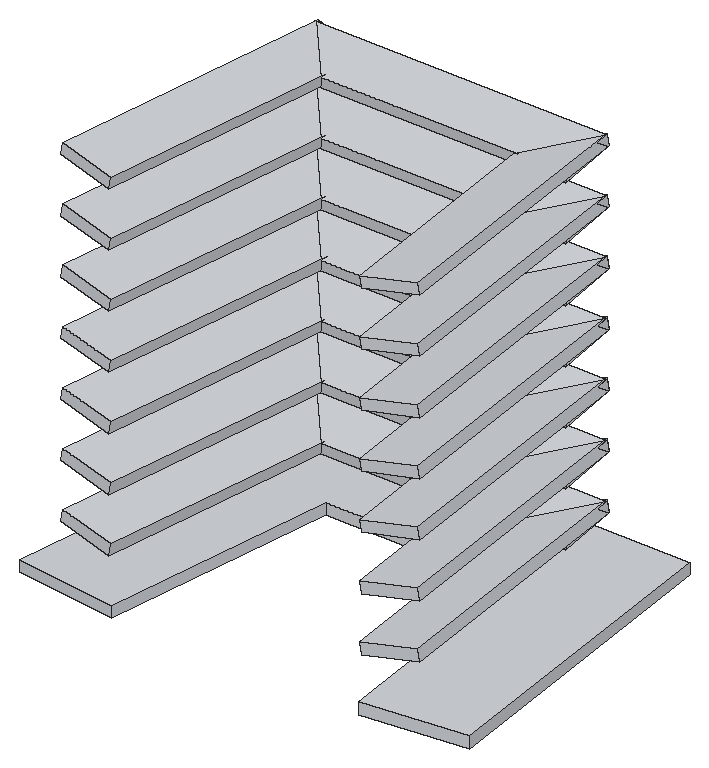
Revit family
Parameters
  RIB-plane 2 = 1 * 200 mm  # 200 mm
  RIB-plane 1 = 2 * 200 mm  # 400 mm
Reference planes
  plane 1 "Centro (Fronte/Retro)": y = 0
  plane 2: z = 0
  plane 3 "Centro (Sinistra/Destra)": x = 0
Nested families
  nested 1: "std_RIB" at (0, 0, 0), type "CostolaBase2"
    with aa_nextRIB 1600 mm, aa_largh 196.962 mm, aa_alt 34.73 mm, Spessore Tavola 200 mm, MARKER 7, Distanza_posteriore 10 mm, Distanza_laterale 20 mm, Angolo Torsione 10.00°, Angolo 6.86999°, Altezza 1400 mm, Ali 100 mm
  nested 2: "std_RIB" at (0, 0, 0), type "CostolaBase2"
    with aa_nextRIB 1400 mm, aa_largh 196.962 mm, aa_alt 34.73 mm, Spessore Tavola 200 mm, MARKER 6, Distanza_posteriore 10 mm, Distanza_laterale 20 mm, Angolo Torsione 10.00°, Angolo 6.86999°, Altezza 1200 mm, Ali 100 mm
  nested 3: "std_RIB" at (0, 0, 0), type "CostolaBase2"
    with aa_nextRIB 1200 mm, aa_largh 196.962 mm, aa_alt 34.73 mm, Spessore Tavola 200 mm, MARKER 5, Distanza_posteriore 10 mm, Distanza_laterale 20 mm, Angolo Torsione 10.00°, Angolo 6.86999°, Altezza 1000 mm, Ali 100 mm
  nested 4: "std_RIB" at (0, 0, 0), type "CostolaBase2"
    with aa_nextRIB 1000 mm, aa_largh 196.962 mm, aa_alt 34.73 mm, Spessore Tavola 200 mm, MARKER 4, Distanza_posteriore 10 mm, Distanza_laterale 20 mm, Angolo Torsione 10.00°, Angolo 6.86999°, Altezza 800 mm, Ali 100 mm
  nested 5: "std_RIB" at (0, 0, 0), type "CostolaBase2"
    with aa_nextRIB 800 mm, aa_largh 196.962 mm, aa_alt 34.73 mm, Spessore Tavola 200 mm, MARKER 3, Distanza_posteriore 10 mm, Distanza_laterale 20 mm, Angolo Torsione 10.00°, Angolo 6.86999°, Altezza 600 mm, Ali 100 mm
  nested 6: "std_RIB" at (0, 0, 0), type "CostolaBase2"
    with aa_nextRIB 600 mm, aa_largh 196.962 mm, aa_alt 34.73 mm, Spessore Tavola 200 mm, MARKER 2, Distanza_posteriore 10 mm, Distanza_laterale 20 mm, Angolo Torsione 10.00°, Angolo 6.86999°, Altezza 400 mm, Ali 100 mm
  nested 7: "std_RIB" at (0, 0, 0), type "CostolaBase2"
    with aa_nextRIB 400 mm, aa_largh 196.962 mm, aa_alt 34.73 mm, Spessore Tavola 200 mm, MARKER 1, Distanza_posteriore 10 mm, Distanza_laterale 20 mm, Angolo Torsione 10.00°, Angolo 6.86999°, Altezza 200 mm, Ali 100 mm
  nested 8: "CostolaTerra" at (0, 0, 0), type "CostolaBase2"
    with Spessore Tavola 400 mm, Distanza_posteriore 20 mm, Distanza_laterale 10 mm, Angolo 6.86999°, Ali 100 mm
Definition of nested family "std_RIB"
  Parameters (values of type "CostolaBase2")
    aa_nextRIB [instance] = 200 mm * (MARKER + 1)  # 400 mm
    aa_largh [instance] = Spessore Tavola * cos(Angolo Torsione)  # 196.962 mm
    aa_alt [instance] = Spessore Tavola * sin(Angolo Torsione)  # 34.73 mm
    Spessore Tavola [instance] = 200 mm
    Profondità = 830 mm  # constant formula
    MARKER [instance] = 1
    Larghezza = 680 mm  # constant formula
    Distanza_posteriore [instance] = 10 mm
    Distanza_laterale [instance] = 20 mm
    Assembly Code = ""
    Angolo Torsione [instance] = 10.00°
    Angolo [instance] = atan(Ali / Profondità)  # 6.86999°
    Altezza [instance] = 200 mm * MARKER  # 200 mm
    Ali [instance] = 100 mm
  Reference planes
    plane 1 "Centro (Fronte/Retro)": y = 0
    plane 2: z = 0
    plane 3 "Centro (Sinistra/Destra)": x = 0
    plane 4: x = 680
    plane 5: y = -830
    plane 6: through (-0.347, 7.119, 1200) normal (0.9928, -0.1196, 0)
    plane 7: x = 340
    plane 8: through (680.347, 7.119, 1200) normal (0.9928, 0.1196, 0)
    plane 9: x = -100
    plane 10: x = 780
    plane 11: through (-13.08, 68.633, 1200) normal (0.9928, -0.1196, 0)
    plane 12: y = 10
    plane 13: through (672.243, 241.583, 1200) normal (0.9928, 0.1196, 0)
    plane 14: y = 206.962
    plane 15: through (834.781, 539.121, 1200) normal (0.9928, 0.1196, 0)
    plane 16: through (-501.193, -2336.098, 1200) normal (-0.9928, 0.1196, 0)
    plane 17: z = 234.73
    plane 18 "RIB PLANE "MARKER"": z = 200
  Forms (mm)
    Extrusion 1, void
      sketch origin (0, 0, 0) x (1, 0, 0) y (0, 1, 0)
        loop
          line (-121.349, -830) -> (-316.897, -806.44) -> (-344.005, -1031.442) -> (-148.458, -1055.002) -> (-121.349, -830)
      from 200 to 234.73
    Extrusion 2, void
      sketch origin (0, 0, 0) x (1, 0, 0) y (0, 1, 0)
        loop
          line (801.349, -830) -> (832.8, -1091.036) -> (1028.347, -1067.476) -> (996.897, -806.44) -> (801.349, -830)
      from 200 to 234.73
    Extrusion 3, void
      sketch origin (-121.349, -830, 0) x (0.99282, -0.119617, 0) y (0, 0, -1)
        loop
          line (0, -200) -> (-196.962, -200) -> (-196.962, -234.73) -> (0, -200)
      from 0 to 1020.73
    Extrusion 4, void
      sketch origin (801.349, -830, 0) x (-0.99282, -0.119617, 0) y (0, 0, 1)
        loop
          line (0, 200) -> (-196.962, 234.73) -> (-196.962, 200) -> (0, 200)
      from 0 to 1020.73
    Extrusion 5, solid
      sketch origin (-316.897, -806.44, 234.73) x (0.977737, -0.1178, -0.173648) y (-0.119617, -0.99282, 0)
        loop
          line (0, -1020.73) -> (200, -1020.73) -> (200, 0) -> (0, 0) -> (0, -1020.73)
      from 0 to -40
    Extrusion 6, solid
      sketch origin (996.897, -806.44, 234.73) x (-0.977737, -0.1178, -0.173648) y (-0.119617, 0.99282, 0)
        loop
          line (0, 1020.73) -> (0, 0) -> (200, 0) -> (200, 1020.73) -> (0, 1020.73)
      from 0 to -40
    Extrusion 7, void
      sketch origin (0, 0, 0) x (0, 1, 0) y (0, 0, 1)
        loop
          line (10, 200) -> (206.962, 200) -> (206.962, 234.73) -> (10, 200)
      from -194.8 to 874.8
    Extrusion 8, solid
      sketch origin (0, 206.962, 234.73) x (0, -0.984808, -0.173648) y (-1, 0, 0)
        loop
          line (200, -874.8) -> (200, 194.8) -> (0, 194.8) -> (0, -874.8) -> (200, -874.8)
      from 0 to -40
  Lines and regions (mm)
    reference lines
      curve 1: line (-121.349, -830, 0) -> (-439.052, -791.723, 0)
      curve 2: line (801.349, -830, 0) -> (1099.195, -794.115, 0)
      curve 3: line (-194.8, 206.962, 0) -> (83.189, 173.469, 0)
      curve 4: line (874.8, 206.962, 0) -> (596.811, 173.469, 0)
      curve 5: line (-194.8, 206.962, 0) -> (-20.145, 10, 0)
      curve 6: line (700.145, 10, 0) -> (874.8, 206.962, 0)
      curve 7: line (-194.8, 206.962, 0) -> (-194.8, 43.404, 0)
      curve 8: line (874.8, 206.962, 0) -> (874.8, 43.404, 0)
      curve 9: line (-97.426, -631.436, 200) -> (-591.709, -571.884, 200)
      curve 10: line (-92.641, -591.723, 200) -> (-562.104, -535.161, 200)
      curve 11: line (-327.902, -563.379, 200) -> (-344.339, -699.809, 200)
      curve 12: line (-132.354, -586.938, 200) -> (-147.306, -711.041, 200)
      curve 13: line (-23.176, -15.162, 200) -> (-557.172, 49.174, 200)
      curve 14: line (-27.961, -54.875, 200) -> (-547.065, 7.667, 200)
      curve 15: line (-62.889, -10.378, 200) -> (-107.131, -377.589, 200)
      curve 16: line (-258.436, 13.182, 200) -> (-300.885, -339.137, 200)
      curve 17: line (-117.993, -802.146, 200) -> (-313.541, -778.586, 200)
      curve 18: line (-372.444, 10, 200) -> (1052.444, 10, 200)
      curve 19: line (-451.428, 206.962, 200) -> (1131.428, 206.962, 200)
      curve 20: line (340, 10, 200) -> (340, 488.754, 200)
      curve 21: line (320, 10, 200) -> (320, 522.858, 200)
      curve 22: line (360, 10, 200) -> (360, 517.858, 200)
      curve 23: line (305, 246.962, 200) -> (395, 246.962, 200)
      curve 24: line (360, 50, 200) -> (271.554, 50, 200)
      curve 25: line (801.349, -830, 200) -> (989.095, -807.38, 200)
      curve 26: line (777.426, -631.436, 200) -> (1371.534, -559.857, 200)
      curve 27: line (703.176, -15.162, 200) -> (954.398, 15.105, 200)
      curve 28: line (772.641, -591.723, 200) -> (1417.527, -514.026, 200)
      curve 29: line (817.139, -626.651, 200) -> (793.216, -428.087, 200)
      curve 30: line (1012.686, -603.091, 200) -> (990.557, -419.42, 200)
      curve 31: line (707.961, -54.875, 200) -> (979.039, -22.215, 200)
      curve 32: line (737.102, 37.659, 200) -> (747.674, -50.091, 200)
      curve 33: line (943.221, -26.531, 200) -> (934.848, 42.967, 200)
    model lines
      curve 34: line (-137.139, -626.651, 200) -> (-132.354, -586.938, 200)
      curve 35: line (-132.354, -586.938, 200) -> (-327.902, -563.379, 200)
      curve 36: line (-327.902, -563.379, 200) -> (-332.686, -603.091, 200)
      curve 37: line (-332.686, -603.091, 200) -> (-137.139, -626.651, 200)
      curve 38: line (943.221, -26.531, 200) -> (747.674, -50.091, 200)
      curve 39: line (938.436, 13.182, 200) -> (742.889, -10.378, 200)
      curve 40: line (943.221, -26.531, 200) -> (938.436, 13.182, 200)
      curve 41: line (747.674, -50.091, 200) -> (742.889, -10.378, 200)
      curve 42: line (360, 246.962, 200) -> (320, 246.962, 200)
      curve 43: line (360, 50, 200) -> (360, 246.962, 200)
      curve 44: line (320, 50, 200) -> (360, 50, 200)
      curve 45: line (320, 246.962, 200) -> (320, 50, 200)
      curve 46: line (-263.221, -26.531, 200) -> (-67.674, -50.091, 200)
      curve 47: line (-67.674, -50.091, 200) -> (-62.889, -10.378, 200)
      curve 48: line (-62.889, -10.378, 200) -> (-258.436, 13.182, 200)
      curve 49: line (-258.436, 13.182, 200) -> (-263.221, -26.531, 200)
      curve 50: line (1007.902, -563.379, 200) -> (812.354, -586.938, 200)
      curve 51: line (812.354, -586.938, 200) -> (817.139, -626.651, 200)
      curve 52: line (817.139, -626.651, 200) -> (1012.686, -603.091, 200)
      curve 53: line (1012.686, -603.091, 200) -> (1007.902, -563.379, 200)
  Dimensions and locks
    "Profondità": plane 5 to plane 1 "Centro (Fronte/Retro)"
    "Larghezza": plane 3 "Centro (Sinistra/Destra)" to plane 4
    equal spacing: plane 3 "Centro (Sinistra/Destra)", plane 7, plane 4
    "Ali": plane 9 to plane 3 "Centro (Sinistra/Destra)"
    "Ali": plane 4 to plane 10
    "Distanza_laterale": plane 6 to plane 11
    "Distanza_laterale": plane 13 to plane 8
    "Distanza_posteriore": plane 12 to plane 1 "Centro (Fronte/Retro)"
    "aa_largh": plane 16 to plane 11
    "aa_largh": plane 15 to plane 13
    "aa_largh": plane 14 to plane 12
    Extrusion 1 to curve 1 = 226.629 mm
    "aa_alt": plane 17 to plane 18 "RIB PLANE "MARKER""
    "Altezza": plane 18 "RIB PLANE "MARKER"" to level
    curve 10 to curve 9 = 40 mm
    curve 11 to Extrusion 3 = 40 mm
    curve 12 to Extrusion 5 = 40 mm
    curve 15 to Extrusion 3 = 40 mm
    curve 13 to curve 14 = 40 mm
    curve 16 to Extrusion 3 = 40 mm
    "aa_largh": curve 16 to curve 15
    "aa_largh": curve 11 to curve 12
    curve 12 to Extrusion 3 = 40 mm
    "aa_largh": curve 18 to curve 19
    curve 21 to curve 20 to curve 22 = 20 mm, 20 mm
    curve 21 to curve 22 = 40 mm
    curve 23 to Extrusion 7 = 40 mm
    curve 24 to curve 18 = 40 mm
    "aa_largh": curve 24 to curve 23
    "Spessore Tavola": curve 13 to curve 3
    curve 9 to curve 1 = 200 mm
    curve 2 to curve 26 = 200 mm
    "Spessore Tavola": curve 27 to curve 4
    curve 26 to curve 28 = 40 mm
    curve 30 to Extrusion 4 = 40 mm
    curve 29 to Extrusion 4 = 40 mm
    "aa_largh": curve 30 to curve 29
    curve 33 to Extrusion 4 = 40 mm
    Extrusion 4 to curve 32 = 40 mm
    curve 31 to curve 27 = 40 mm
    "aa_largh": curve 33 to curve 32
    "Angolo": angle plane 6 to plane 3 "Centro (Sinistra/Destra)"
    "Angolo": angle plane 4 to plane 8
    "Angolo": angle plane 11 to plane 3 "Centro (Sinistra/Destra)"
    "Angolo": angle plane 4 to plane 13
    "Angolo": angle plane 16 to plane 3 "Centro (Sinistra/Destra)"
    "Angolo": angle plane 4 to plane 15
    "Angolo": angle curve 1 to plane 5
    "Angolo": angle plane 5 to curve 2
    "Angolo": angle curve 3 to plane 14
    "Angolo": angle plane 14 to curve 4
    aligned and locked: plane 17 to Extrusion 1
    aligned and locked: plane 17 to Extrusion 2
    aligned and locked: Extrusion 3 to curve 3
    aligned and locked: Extrusion 4 to curve 4
    aligned and locked: Extrusion 1 to plane 18 "RIB PLANE "MARKER""
    aligned and locked: Extrusion 2 to plane 18 "RIB PLANE "MARKER""
    aligned and locked: Extrusion 7 to curve 7
    aligned and locked: Extrusion 7 to curve 8
    aligned and locked: curve 18 to Extrusion 7
    aligned and locked: curve 38 to curve 31
    aligned and locked: curve 40 to curve 33
    aligned and locked: curve 39 to curve 27
    aligned and locked: curve 41 to curve 32
    aligned and locked: Extrusion 4 to curve 2
    aligned and locked: curve 42 to curve 23
    aligned and locked: curve 22 to curve 43
    aligned and locked: curve 45 to curve 21
    aligned and locked: curve 44 to curve 24
    aligned and locked: curve 13 to curve 48
    aligned and locked: curve 47 to curve 15
    aligned and locked: curve 46 to curve 14
    aligned and locked: curve 49 to curve 16
    aligned and locked: curve 50 to curve 28
    aligned and locked: curve 26 to curve 52
    aligned and locked: curve 53 to curve 30
    aligned and locked: curve 51 to curve 29
  Automatic sketch dimensions
    Extrusion 1 sketch curve to plane 16 = 0 mm
    Extrusion 1 sketch curve to plane 11 = 0 mm  (x2)
    Extrusion 1 sketch curve to plane 5 = 0 mm
    plane 5 to Extrusion 1 sketch curve = 201.442 mm
    Extrusion 2 sketch curve to plane 5 = 0 mm
    Extrusion 2 sketch curve to plane 13 = 0 mm  (x2)
    plane 5 to Extrusion 2 sketch curve = 237.476 mm
    Extrusion 2 sketch curve to plane 15 = 0 mm
    Extrusion 3 sketch curve to Extrusion 1 = 0 mm  (x4)
    Extrusion 4 sketch curve to Extrusion 2 = 0 mm  (x4)
    Extrusion 5 sketch curve to Extrusion 3 = 0 mm  (x4)
    Extrusion 6 sketch curve to Extrusion 4 = 0 mm  (x4)
    Extrusion 7 sketch curve to plane 12 = 0 mm
    Extrusion 7 sketch curve to plane 14 = 0 mm
    Extrusion 7 sketch curve to plane 18 "RIB PLANE "MARKER"" = 0 mm
    Extrusion 7 sketch curve to plane 17 = 0 mm
    Extrusion 8 sketch curve to Extrusion 7 = 0 mm  (x4)
    curve 1 to plane 5 = 0 mm
    curve 1 to plane 11 = 0 mm
    curve 5 to plane 14 = 0 mm
    curve 5 to plane 16 = 0 mm
    curve 5 to plane 11 = 0 mm
    curve 5 to plane 12 = 0 mm
    curve 6 to plane 12 = 0 mm
    curve 6 to plane 13 = 0 mm
    curve 6 to plane 14 = 0 mm
    curve 6 to plane 15 = 0 mm
    curve 2 to plane 5 = 0 mm
    curve 2 to plane 13 = 0 mm
    curve 8 to plane 1 "Centro (Fronte/Retro)" = 43.404 mm
    curve 7 to plane 1 "Centro (Fronte/Retro)" = 43.404 mm
    curve 23 to curve 20 = 241.793 mm
    curve 20 to curve 22 = 29.104 mm
    curve 20 to curve 21 = 34.104 mm
    curve 19 to curve 18 = 78.984 mm
    curve 18 to curve 23 = 657.444 mm
    curve 23 to curve 24 = 35 mm
    curve 23 to curve 23 = 90 mm
    curve 21 to curve 24 = 48.446 mm
    curve 24 to curve 18 = 643.998 mm
    curve 18 to curve 19 = 78.984 mm
    curve 17 to curve 9 = 0 mm
    curve 10 to curve 9 = 0 mm
    curve 14 to curve 10 = 0 mm
    curve 13 to curve 14 = 0 mm
    curve 10 to curve 12 = 40 mm
    curve 13 to curve 15 = 40 mm
    curve 17 to curve 11 = 40 mm
    curve 11 to curve 10 = 235.896 mm
    curve 10 to curve 9 = 25 mm
    curve 16 to curve 14 = 285.896 mm
    curve 14 to curve 13 = 15 mm
    curve 16 to curve 11 = 225.863 mm
    curve 16 to curve 15 = 15 mm
    curve 9 to curve 12 = 85 mm
    curve 11 to curve 11 = 137.417 mm
    curve 11 to curve 17 = 74.527 mm
    Extrusion 3 to curve 34 = 40 mm
    curve 37 to Extrusion 3 = 40 mm
    Extrusion 3 to curve 34 = 240 mm
    curve 35 to curve 37 = 40 mm
    curve 26 to curve 28 = 0 mm
    curve 31 to curve 28 = 0 mm
    curve 27 to curve 31 = 0 mm
    curve 25 to curve 26 = 0 mm
    curve 27 to curve 32 = 40 mm
    curve 28 to curve 29 = 40 mm
    curve 25 to curve 25 = 189.104 mm
    curve 33 to curve 27 = 16.077 mm
    curve 33 to curve 31 = 36.077 mm
    curve 30 to curve 26 = 361.442 mm
    curve 26 to curve 28 = 51.145 mm
    curve 25 to curve 26 = 200 mm
    curve 30 to curve 30 = 185 mm
    curve 28 to curve 29 = 160 mm
    curve 27 to curve 33 = 30 mm
    curve 27 to curve 32 = 48.384 mm
Definition of nested family "CostolaTerra"
  Parameters (values of type "CostolaBase2")
    Spessore Tavola [instance] = 400 mm
    Profondità = 830 mm
    Larghezza = 680 mm
    Distanza_posteriore [instance] = 400 mm
    Distanza_laterale [instance] = 400 mm
    Assembly Code = ""
    Angolo [instance] = atan(Ali / Profondità)  # 25.7307°
    Ali [instance] = 400 mm
  Reference planes
    plane 1 "Centro (Fronte/Retro)": y = 0
    plane 2: z = 0
    plane 3 "Centro (Sinistra/Destra)": x = 0
    plane 4: x = 680
    plane 5: y = -830
    plane 6: through (0, 0, 1200) normal (0.9008, -0.4341, 0)
    plane 7: x = 340
    plane 8: through (680, 0, 1200) normal (0.9008, 0.4341, 0)
    plane 9: x = -400
    plane 10: x = 1080
    plane 11: through (-334.485, 227.301, 1200) normal (0.9008, -0.4341, 0)
    plane 12: y = 400
    plane 13: through (938.857, 384.229, 1200) normal (0.9008, 0.4341, 0)
    plane 14: y = 775.877
    plane 15: through (1157.658, 796.009, 1200) normal (0.9008, 0.4341, 0)
    plane 16: through (-1734.939, -1812.847, 1200) normal (-0.9008, 0.4341, 0)
    plane 17: z = 136.808
  Forms (mm)
    Extrusion 1, solid
      sketch origin (0, 0, 0) x (1, 0, 0) y (0, 1, 0)
        loop
          line (-1182.635, -666.816) -> (-844.028, -830) -> (-251.257, 400) -> (931.257, 400) -> (1524.028, -830) -> (1862.635, -666.816) -> (1167.361, 775.877) -> (-487.361, 775.877) -> (-1182.635, -666.816)
      from 0 to 40
  Lines and regions (mm)
    reference lines
      curve 1: line (-844.028, -830, 0) -> (-1132.298, -691.075, 0)
      curve 2: line (1524.028, -830, 0) -> (1794.281, -699.757, 0)
      curve 3: line (-487.361, 775.877, 0) -> (-235.124, 654.317, 0)
      curve 4: line (1167.361, 775.877, 0) -> (915.124, 654.317, 0)
      curve 5: line (-487.361, 775.877, 0) -> (-251.257, 400, 0)
      curve 6: line (931.257, 400, 0) -> (1167.361, 775.877, 0)
      curve 7: line (-487.361, 775.877, 0) -> (-487.361, 343.404, 0)
      curve 8: line (1167.361, 775.877, 0) -> (1167.361, 343.404, 0)
  Dimensions and locks
    "Profondità": plane 5 to plane 1 "Centro (Fronte/Retro)"
    "Larghezza": plane 3 "Centro (Sinistra/Destra)" to plane 4
    equal spacing: plane 3 "Centro (Sinistra/Destra)", plane 7, plane 4
    "Ali": plane 9 to plane 3 "Centro (Sinistra/Destra)"
    "Ali": plane 4 to plane 10
    "Distanza_laterale": plane 6 to plane 11
    "Distanza_laterale": plane 13 to plane 8
    "Distanza_posteriore": plane 12 to plane 1 "Centro (Fronte/Retro)"
    locked: plane 16 to plane 11 at 375.877
    locked: plane 15 to plane 13 at 375.877
    locked: plane 14 to plane 12 at 375.877
    locked: plane 17 to plane 2 at 136.808
    "Angolo": angle plane 6 to plane 3 "Centro (Sinistra/Destra)"
    "Angolo": angle plane 4 to plane 8
    "Angolo": angle plane 11 to plane 3 "Centro (Sinistra/Destra)"
    "Angolo": angle plane 4 to plane 13
    "Angolo": angle plane 16 to plane 3 "Centro (Sinistra/Destra)"
    "Angolo": angle plane 4 to plane 15
    "Angolo": angle curve 1 to plane 5
    "Angolo": angle plane 5 to curve 2
    "Angolo": angle curve 3 to plane 14
    "Angolo": angle plane 14 to curve 4
  Automatic sketch dimensions
    curve 1 to plane 5 = 0 mm
    curve 1 to plane 11 = 0 mm
    curve 7 to plane 14 = 0 mm
    curve 7 to plane 16 = 0 mm
    curve 5 to plane 11 = 0 mm
    curve 5 to plane 12 = 0 mm
    curve 6 to plane 12 = 0 mm
    curve 6 to plane 13 = 0 mm
    curve 4 to plane 15 = 0 mm
    curve 8 to plane 14 = 0 mm
    curve 2 to plane 5 = 0 mm
    curve 2 to plane 13 = 0 mm
    curve 7 to plane 12 = 56.596 mm
    curve 8 to plane 12 = 56.596 mm
    Extrusion 1 sketch curve to plane 16 = 0 mm
    Extrusion 1 sketch curve to plane 5 = 0 mm  (x2)
    Extrusion 1 sketch curve to plane 11 = 0 mm  (x2)
    Extrusion 1 sketch curve to plane 12 = 0 mm
    Extrusion 1 sketch curve to plane 14 = 0 mm
    Extrusion 1 sketch curve to plane 15 = 0 mm  (x2)
    Extrusion 1 sketch curve to plane 13 = 0 mm
